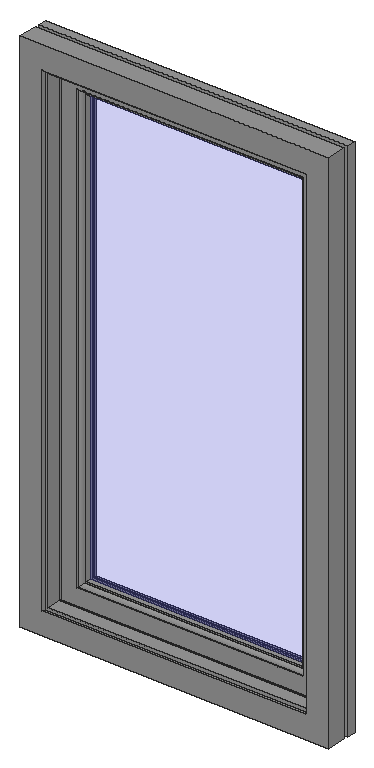
Revit family "MC1 LH", category Windows, host Wall, Revit 2015
Parameters (values of type "MC1 LH")
  Height = 929 mm
  Default Lintel Height = 2100 mm
  Wall Closure = By host
  Width = 542 mm
Reference planes
  plane 1 "Center (Front/Back)": y = 0
  plane 2 "Center (Left/Right)": x = 0
  plane 3 "Left": x = -271
  plane 4 "Right": x = 271
  plane 5 "Sill": z = 1171
  plane 6 "Head": z = 2100
  plane 7 "Exterior": y = 100
  plane 8 "Interior": y = -100
  plane 9: y = -28.5
  plane 10: y = 23.5
Forms (mm)
  Sweep 1, solid, material "Lauan, Meranti"
    path origin (0, 100, 0) x (1, 0, 0) y (0, 0, 1)
      loop
        line (271, 2100) -> (-271, 2100) -> (-271, 1171) -> (271, 1171) -> (271, 2100)
    profile origin (0, 100, 2100) x (0, 0, -1) y (0, -1, 0)
      loop
        line (0, 71.5) -> (29, 71.5) -> (29, 96.5) -> (37.5, 96.5) -> (37.5, 102.5) -> (40.5, 102.5) -> (40.5, 96.5) -> (44, 96.5) -> (44, 122.5) -> (39, 122.5) -> (39, 128.5) -> (0, 128.5) -> (0, 94.5) -> (10, 94.5) -> (10, 86.5) -> (0, 86.5) -> (0, 71.5)
  Sweep 2, solid, material "Rubber"
    path origin (0, 100, 0) x (1, 0, 0) y (0, 0, 1)
      loop
        line (233.5, 2062.5) -> (-233.5, 2062.5) -> (-233.5, 1208.5) -> (233.5, 1208.5) -> (233.5, 2062.5)
    profile origin (0, 100, 2062.5) x (0, 0, -1) y (0, -1, 0)
      loop
        line (1.5, 91.5) -> (6.5, 93.5) -> (6.5, 96.5) -> (2.5, 96.5) -> (2.5, 98.93) -> (3.5, 98.93) -> (2.5, 99.198) -> (2.5, 100.964) -> (3.5, 100.964) -> (1.5, 101.5) -> (-0.5, 100.964) -> (0.5, 100.964) -> (0.5, 99.198) -> (-0.5, 98.93) -> (0.5, 98.93) -> (0.5, 96.5) -> (-3.5, 96.5) -> (-3.5, 93.5) -> (1.5, 91.5)
  Sweep 3, solid, material "Lauan, Meranti"
    path origin (0, 100, 0) x (1, 0, 0) y (0, 0, 1)
      loop
        line (242, 2071) -> (-242, 2071) -> (-242, 1200) -> (242, 1200) -> (242, 2071)
    profile origin (0, 100, 2071) x (0, 0, -1) y (0, -1, 0)
      loop
        arc (-5, 57.5) -> (-3.242, 53.257) -> (1, 51.5) r 6
        line (1, 51.5) -> (43, 51.5) -> (43, 76.5) -> (52, 76.5) -> (52, 84.5) -> (49, 84.5)
        arc (49, 84.5) -> (47.243, 88.743) -> (43, 90.5) r 6
        line (43, 90.5) -> (43, 93.5) -> (10, 93.5) -> (10, 89.5) -> (12, 89.5) -> (12, 84.5) -> (14, 83.964) -> (14, 79.036) -> (12, 78.5) -> (12, 71.5) -> (-5, 71.5) -> (-5, 57.5)
  Sweep 4, solid, material "Lauan, Meranti"
    path origin (0, 100, 0) x (1, 0, 0) y (0, 0, 1)
      loop
        line (198.986, 2027.989) -> (-198.986, 2027.989) -> (-198.986, 1243.011) -> (198.986, 1243.011) -> (198.986, 2027.989)
    profile origin (0, 100, 2027.989) x (0, 0, -1) y (0, -1, 0)
      loop
        arc (0, 62.1) -> (4.67, 63.734) -> (7, 68.1) r 6.807
        line (7, 68.1) -> (9, 68.1) -> (9, 70.1) -> (0, 70.1) -> (0, 62.1)
  Extrusion 5, solid, material "Glass"
    sketch origin (-271, 0, 0) x (0, -1, 0) y (0, 0, 1)
      loop
        line (-23.5, 2028) -> (-29.9, 2028) -> (-29.9, 1243) -> (-23.5, 1243) -> (-23.5, 2028)
    from -470 to -72
Lines and regions (mm)
  Opening 1
    outline origin (3500, -100, 0) x (1, 0, 0) y (0, 0, 1)
      loop
        line (-3229, 1171) -> (-3229, 2100) -> (-3771, 2100) -> (-3771, 1171) -> (-3229, 1171)
  model lines
    curve 1: line (247, 48.5, 2076) -> (-247, 48.5, 1635.5)
    curve 2: line (-247, 48.5, 1635.5) -> (247, 48.5, 1195)
Text (mm)
  text "EXTERIOR" at (-1963.203, 1332.353, 0), in view "Ref. Level"
  text "INTERIOR" at (-1981.466, -818.386, 0), in view "Ref. Level"
  text "Exterior" at (0, 923.751, 2943.296), in view "Right"
  text "Exterior" at (0, 1040.484, 2685.409), in view "Left"
Dimensions and locks
  equal spacing: plane 3 "Left", plane 2 "Center (Left/Right)", plane 4 "Right"
  "Width": plane 3 "Left" to plane 4 "Right"
  "Height": plane 5 "Sill" to plane 6 "Head"
  "Default Lintel Height": plane 6 "Head" to level
  locked: plane 7 "Exterior" to host wall at 0
  locked: plane 8 "Interior" to host wall
  locked: plane 10 to plane 9 at 52
  aligned and locked: Sweep 1 sketch curve to host wall  (x4)
  aligned and locked: Sweep 2 sketch curve to Sweep 1  (x4)
  aligned and locked: Sweep 3 sketch curve to Sweep 1  (x4)
  aligned and locked: Sweep 4 sketch curve to Sweep 3  (x2)
  aligned and locked: Extrusion 5 to Sweep 3  (x3)
  aligned and locked: Extrusion 5 to Sweep 4
  aligned and locked: Sweep 3 sketch curve to Sweep 2
Automatic sketch dimensions
  plane 3 "Left" to Opening 1 sketch curve = 0 mm
  plane 4 "Right" to Opening 1 sketch curve = 0 mm
  Opening 1 sketch curve to plane 5 "Sill" = 0 mm
  Opening 1 sketch curve to plane 6 "Head" = 0 mm
  Sweep 1 sketch curve to profile plane = 0 mm  (x2)
  Sweep 1 sketch curve to profile plane = 10 mm
  Sweep 1 sketch curve to Sweep 1 sketch curve = 19 mm
  Sweep 1 sketch curve to Sweep 1 sketch curve = 8.5 mm
  Sweep 1 sketch curve to Sweep 1 sketch curve = 1.5 mm
  Sweep 1 sketch curve to Sweep 1 sketch curve = 3 mm
  Sweep 1 sketch curve to Sweep 1 sketch curve = 3.5 mm
  plane 7 "Exterior" to Sweep 1 sketch curve = 71.5 mm
  Sweep 1 sketch curve to Sweep 1 sketch curve = 15 mm
  Sweep 1 sketch curve to Sweep 1 sketch curve = 8 mm
  Sweep 1 sketch curve to Sweep 1 sketch curve = 25 mm
  Sweep 1 sketch curve to Sweep 1 sketch curve = 0 mm
  Sweep 1 sketch curve to Sweep 1 sketch curve = 6 mm
  Sweep 1 sketch curve to Sweep 1 sketch curve = 20 mm
  Sweep 1 sketch curve to Sweep 1 sketch curve = 34 mm
  profile plane to Sweep 2 sketch curve = 3.5 mm
  profile plane to Sweep 2 sketch curve = 0.5 mm  (x2)
  Sweep 2 sketch curve to profile plane = 0.5 mm
  Sweep 2 sketch curve to Sweep 2 sketch curve = 0 mm  (x2)
  Sweep 2 sketch curve to profile plane = 1.5 mm
  Sweep 2 sketch curve to Sweep 2 sketch curve = 1 mm  (x4)
  Sweep 2 sketch curve to Sweep 2 sketch curve = 2 mm  (x3)
  Sweep 2 sketch curve to Sweep 2 sketch curve = 4 mm
  plane 7 "Exterior" to Sweep 2 sketch curve = 91.5 mm
  Sweep 2 sketch curve to Sweep 2 sketch curve = 3 mm  (x2)
  Sweep 2 sketch curve to Sweep 2 sketch curve = 2.43 mm
  Sweep 2 sketch curve to Sweep 2 sketch curve = 0.268 mm  (x2)
  Sweep 2 sketch curve to Sweep 2 sketch curve = 1.766 mm  (x2)
  Sweep 2 sketch curve to Sweep 2 sketch curve = 0.536 mm
  profile plane to Sweep 3 sketch curve = 5 mm
  Sweep 3 sketch curve to profile plane = 1 mm
  Sweep 3 sketch curve to profile plane = 10 mm
  Sweep 3 sketch curve to Sweep 3 sketch curve = 2 mm  (x2)
  Sweep 3 sketch curve to profile plane = 12 mm
  Sweep 3 sketch curve to Sweep 3 sketch curve = 31 mm
  Sweep 3 sketch curve to Sweep 3 sketch curve = 0 mm
  Sweep 3 sketch curve to Sweep 3 sketch curve = 6 mm
  Sweep 3 sketch curve to Sweep 3 sketch curve = 3 mm  (x2)
  Sweep 3 sketch curve to Sweep 3 sketch curve = 4 mm
  Sweep 3 sketch curve to Sweep 3 sketch curve = 5 mm
  Sweep 3 sketch curve to Sweep 3 sketch curve = 0.536 mm  (x2)
  Sweep 3 sketch curve to Sweep 3 sketch curve = 4.928 mm
  Sweep 3 sketch curve to Sweep 3 sketch curve = 8 mm
  Sweep 3 sketch curve to Sweep 3 sketch curve = 7 mm
  Sweep 3 sketch curve to Sweep 3 sketch curve = 14 mm
  plane 4 "Right" to Sweep 4 sketch curve = 72.014 mm
  plane 6 "Head" to Sweep 4 sketch curve = 72.011 mm
  Sweep 4 sketch curve to profile plane = 0 mm
  Sweep 4 sketch curve to profile plane = 0.241 mm
  Sweep 4 sketch curve to Sweep 4 sketch curve = 6.759 mm
  Sweep 4 sketch curve to Sweep 4 sketch curve = 2 mm  (x2)
  plane 7 "Exterior" to Sweep 4 sketch curve = 62.1 mm
  Sweep 4 sketch curve to Sweep 4 sketch curve = 6 mm
  curve 1 to plane 3 "Left" = 24 mm
  curve 2 to plane 5 "Sill" = 464.5 mm
  plane 4 "Right" to curve 2 = 24 mm
  plane 4 "Right" to curve 1 = 24 mm
  curve 2 to plane 5 "Sill" = 24 mm
  plane 6 "Head" to curve 1 = 24 mm
  Extrusion 5 sketch curve to plane 10 = 0 mm
  Extrusion 5 sketch curve to Extrusion 5 sketch curve = 6.4 mm
  Extrusion 5 sketch curve to plane 5 "Sill" = 72 mm
  plane 6 "Head" to Extrusion 5 sketch curve = 72 mm
